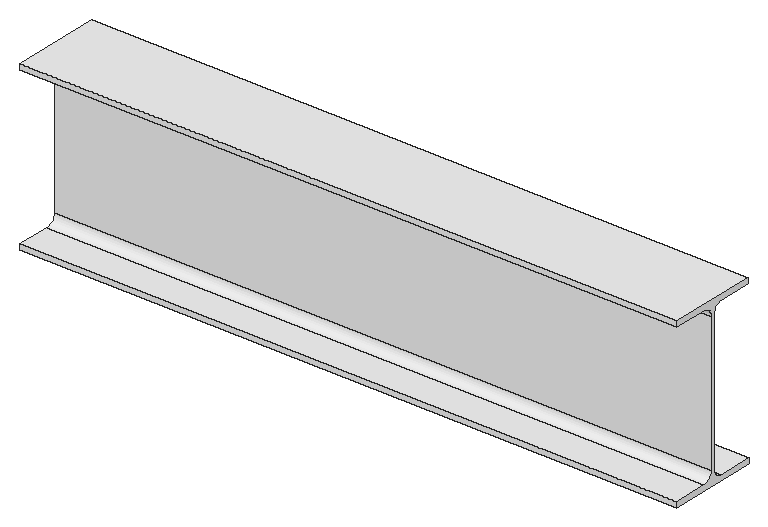
Revit family "M_W-Flange extensa", category Quadro estrutural, Revit 2019
Family settings
  Arredondamento do comprimento do framing estrutural = 0 mm
  Forma do corte = Não definido
  Material para o comportamento do modelo = Aço
  Exportar sempre como geometria = Não
  Número OmniClass = 23.25.30.11.14.14
  Título OmniClass = Beams
  ID de item do Seek = W-Wide Flange-0000-CAN-ENU
  Sempre na vertical = Sim
  Corte com vazios quando carregada = Não
  Representação simbólica = Das configurações de projeto
  Compartilhado = Não
  Exibir o pré-corte da família na vista da planta = Sim
Parameters (values of type "W310X38.7")
  W = 0.38
  Structural Material [instance] = Aço, 45-345
  Assembly Code = ""
  Length [instance] = 1524 mm
  bf = 165 mm
  d = 310 mm
  k = 27 mm
  kr = k - tf  # 17.3 mm
  tf = 9.7 mm
  tw = 5.8 mm
  A = 0.005 m²
Reference planes
  plane 1 "Centro (Frente/Trás)": y = 0
  plane 2: z = 0
  plane 3 "Centro (Esquerda/Direita)": x = 4.61
  plane 4 "Membro esquerdo": x = -604.99
  plane 5 "Membro direito": x = 614.21
  plane 6: y = 82.5
  plane 7: y = -82.5
  plane 8 "Superior": z = 155
  plane 9: z = -155
  plane 10 "Esquerda": x = -757.39
  plane 11 "Direita": x = 766.61
Forms (mm)
  Sweep 1, solid, material "Aço, 45-345" <- "Structural Material", detail levels medium
    path origin (0, 0, 0) x (1, 0, 0) y (0, 1, 0)
      loop
        line (614.21, 0) -> (-604.99, 0)
    profile "M_W-Flange ampla-Perfil-Médio : M_W-Flange ampla-Perfil-Médio" origin (4.61, 0, 0) x (0, -1, 0) y (0, 0, 1)
      loop
        line (-82.5, -155) -> (82.5, -155) -> (82.5, -145.3) -> (2.9, -145.3) -> (2.9, 145.3) -> (82.5, 145.3) -> (82.5, 155) -> (-82.5, 155) -> (-82.5, 145.3) -> (-2.9, 145.3) -> (-2.9, -145.3) -> (-82.5, -145.3) -> (-82.5, -155)
  Sweep 2, solid, material "Aço, 45-345" <- "Structural Material", detail levels fine
    path origin (0, 0, 0) x (1, 0, 0) y (0, 1, 0)
      loop
        line (614.21, 0) -> (-604.99, 0)
    profile "M_W-Flange ampla-Perfil-Alto : M_W-Flange ampla-Perfil-Alto" origin (4.61, 0, 0) x (0, -1, 0) y (0, 0, 1)
      loop
        line (-82.5, -155) -> (82.5, -155) -> (82.5, -145.3) -> (20.2, -145.3)
        arc (20.2, -145.3) -> (7.967, -140.233) -> (2.9, -128) r 17.3
        line (2.9, -128) -> (2.9, 128)
        arc (2.9, 128) -> (7.967, 140.233) -> (20.2, 145.3) r 17.3
        line (20.2, 145.3) -> (82.5, 145.3) -> (82.5, 155) -> (-82.5, 155) -> (-82.5, 145.3) -> (-20.2, 145.3)
        arc (-20.2, 145.3) -> (-7.967, 140.233) -> (-2.9, 128) r 17.3
        line (-2.9, 128) -> (-2.9, -128)
        arc (-2.9, -128) -> (-7.967, -140.233) -> (-20.2, -145.3) r 17.3
        line (-20.2, -145.3) -> (-82.5, -145.3) -> (-82.5, -155)
Lines and regions (mm)
  symbolic lines, style "Faces ocultas", detail levels medium+fine
    curve 1: line (614.21, -2.9, 0) -> (-604.99, -2.9, 0)
    curve 2: line (614.21, 2.9, 0) -> (-604.99, 2.9, 0)
  symbolic lines, style "Símbolos de vara", detail levels coarse
    curve 3: line (4.61, 82.5, 155) -> (4.61, -82.5, 155)
    curve 4: line (4.61, -82.5, -155) -> (4.61, 82.5, -155)
    curve 5: line (4.61, 0, 155) -> (4.61, 0, -155)
Dimensions and locks
  "bf": plane 6 to plane 7
  "d": plane 9 to plane 8 "Superior"
  equal spacing: plane 9, plane 2, plane 8 "Superior"
  equal spacing: plane 6, plane 1 "Centro (Frente/Trás)", plane 7
  "Length": plane 10 "Esquerda" to plane 11 "Direita"
  "tw": curve 2 to curve 1
  equal spacing: curve 2, plane 1 "Centro (Frente/Trás)", curve 1
  aligned and locked: Sweep 1 sketch curve to plane 1 "Centro (Frente/Trás)"
  aligned and locked: Sweep 2 sketch curve to plane 1 "Centro (Frente/Trás)"
  aligned and locked: Sweep 2 to curve 3  (x2)
  aligned and locked: Sweep 2 to curve 4  (x2)
  aligned and locked: curve 3 to Sweep 2
  aligned and locked: curve 4 to Sweep 2
  aligned and locked: plane 4 "Membro esquerdo" to Sweep 2 sketch curve
  aligned and locked: plane 5 "Membro direito" to Sweep 2 sketch curve
  aligned and locked: plane 4 "Membro esquerdo" to Sweep 1 sketch curve
  aligned and locked: plane 5 "Membro direito" to Sweep 1 sketch curve
  aligned and locked: plane 4 "Membro esquerdo" to curve 2
  aligned and locked: plane 4 "Membro esquerdo" to curve 1
  aligned and locked: plane 5 "Membro direito" to curve 2
  aligned and locked: plane 5 "Membro direito" to curve 1
Automatic sketch dimensions
  curve 5 to plane 1 "Centro (Frente/Trás)" = 0 mm
Types in the file's own list only (273): name | W | bf | d | k | kr | tf | tw | A
  W1100X499 | 4.894 | 404 mm | 1120 mm | 67 mm | 22 mm | 45 mm | 26 mm | 0.06 m²
  W1100X433 | 4.246 | 401 mm | 1110 mm | 62 mm | 22 mm | 40 mm | 22 mm | 0.06 m²
  W1100X390 | 3.825 | 401 mm | 1100 mm | 57 mm | 21 mm | 36 mm | 20 mm | 0.05 m²
  W1100X343 | 3.364 | 401 mm | 1090 mm | 52 mm | 21 mm | 31 mm | 18 mm | 0.04 m²
  W1000X883 | 8.659 | 424 mm | 1090 mm | 114 mm | 32 mm | 82 mm | 46 mm | 0.11 m²
  W1000X748 | 7.335 | 417 mm | 1070 mm | 102 mm | 32 mm | 70 mm | 39 mm | 0.10 m²
  W1000X642 | 6.296 | 411 mm | 1050 mm | 92 mm | 32 mm | 60 mm | 34 mm | 0.08 m²
  W1000X591 | 5.796 | 409 mm | 1040 mm | 89 mm | 33 mm | 56 mm | 31 mm | 0.08 m²
  W1000X554 | 5.433 | 409 mm | 1030 mm | 84 mm | 32 mm | 52 mm | 30 mm | 0.07 m²
  W1000X539 | 5.286 | 406 mm | 1030 mm | 83 mm | 32 mm | 51 mm | 28 mm | 0.07 m²
  W1000X483 | 4.737 | 404 mm | 1020 mm | 78 mm | 32 mm | 46 mm | 25 mm | 0.06 m²
  W1000X443 | 4.344 | 401 mm | 1010 mm | 75 mm | 33 mm | 42 mm | 24 mm | 0.06 m²
  W1000X412 | 4.04 | 401 mm | 1010 mm | 73 mm | 33 mm | 40 mm | 21 mm | 0.05 m²
  W1000X371 | 3.638 | 401 mm | 1000 mm | 68 mm | 32 mm | 36 mm | 19 mm | 0.05 m²
  W1000X321 | 3.148 | 401 mm | 991 mm | 64 mm | 33 mm | 31 mm | 17 mm | 0.04 m²
  W1000X296 | 2.903 | 401 mm | 983 mm | 59 mm | 32 mm | 27 mm | 17 mm | 0.04 m²
  W1000X584 | 5.727 | 315 mm | 1060 mm | 97 mm | 33 mm | 64 mm | 36 mm | 0.07 m²
  W1000X494 | 4.844 | 310 mm | 1040 mm | 86 mm | 32 mm | 54 mm | 31 mm | 0.06 m²
  W1000X486 | 4.766 | 307 mm | 1040 mm | 86 mm | 32 mm | 54 mm | 30 mm | 0.06 m²
  W1000X438 | 4.295 | 305 mm | 1030 mm | 81 mm | 32 mm | 49 mm | 27 mm | 0.06 m²
  W1000X415 | 4.07 | 305 mm | 1020 mm | 78 mm | 32 mm | 46 mm | 26 mm | 0.05 m²
  W1000X393 | 3.854 | 302 mm | 1020 mm | 76 mm | 32 mm | 44 mm | 24 mm | 0.05 m²
  W1000X350 | 3.432 | 302 mm | 1010 mm | 73 mm | 33 mm | 40 mm | 21 mm | 0.04 m²
  W1000X314 | 3.079 | 300 mm | 1000 mm | 68 mm | 32 mm | 36 mm | 19 mm | 0.04 m²
  W1000X272 | 2.667 | 300 mm | 991 mm | 64 mm | 33 mm | 31 mm | 17 mm | 0.03 m²
  W1000X249 | 2.442 | 300 mm | 980 mm | 59 mm | 33 mm | 26 mm | 17 mm | 0.03 m²
  W1000X222 | 2.177 | 300 mm | 970 mm | 54 mm | 33 mm | 21 mm | 16 mm | 0.03 m²
  W920X1191 | 11.67 | 457 mm | 1080 mm | 141 mm | 32 mm | 109 mm | 61 mm | 0.15 m²
  W920X970 | 9.512 | 447 mm | 1040 mm | 122 mm | 32 mm | 90 mm | 50 mm | 0.12 m²
  W920X787 | 7.718 | 437 mm | 1010 mm | 106 mm | 32 mm | 74 mm | 41 mm | 0.10 m²
  W920X725 | 7.11 | 434 mm | 998 mm | 102 mm | 34 mm | 68 mm | 38 mm | 0.09 m²
  W920X656 | 6.433 | 432 mm | 988 mm | 95 mm | 33 mm | 62 mm | 35 mm | 0.08 m²
  W920X588 | 5.766 | 427 mm | 975 mm | 87 mm | 31 mm | 56 mm | 31 mm | 0.07 m²
  W920X537 | 5.266 | 424 mm | 965 mm | 84 mm | 33 mm | 51 mm | 28 mm | 0.07 m²
  W920X491 | 4.815 | 422 mm | 958 mm | 79 mm | 32 mm | 47 mm | 26 mm | 0.06 m²
  W920X449 | 4.403 | 424 mm | 947 mm | 76 mm | 34 mm | 43 mm | 24 mm | 0.06 m²
  W920X420 | 4.119 | 422 mm | 942 mm | 73 mm | 33 mm | 40 mm | 23 mm | 0.05 m²
  W920X390 | 3.825 | 422 mm | 937 mm | 70 mm | 33 mm | 37 mm | 21 mm | 0.05 m²
  W920X368 | 3.609 | 419 mm | 932 mm | 67 mm | 32 mm | 34 mm | 20 mm | 0.05 m²
  W920X344 | 3.383 | 419 mm | 927 mm | 65 mm | 33 mm | 32 mm | 19 mm | 0.04 m²
  W920X381 | 3.736 | 310 mm | 950 mm | 67 mm | 23 mm | 44 mm | 24 mm | 0.05 m²
  W920X345 | 3.383 | 307 mm | 942 mm | 62 mm | 22 mm | 40 mm | 22 mm | 0.04 m²
  W920X313 | 3.069 | 310 mm | 932 mm | 59 mm | 24 mm | 35 mm | 21 mm | 0.04 m²
  W920X289 | 2.834 | 307 mm | 927 mm | 56 mm | 24 mm | 32 mm | 19 mm | 0.04 m²
  W920X271 | 2.658 | 307 mm | 922 mm | 54 mm | 24 mm | 30 mm | 18 mm | 0.03 m²
  W920X253 | 2.481 | 305 mm | 919 mm | 51 mm | 23 mm | 28 mm | 17 mm | 0.03 m²
  W920X238 | 2.334 | 305 mm | 914 mm | 49 mm | 23 mm | 26 mm | 17 mm | 0.03 m²
  W920X223 | 2.187 | 305 mm | 912 mm | 48 mm | 24 mm | 24 mm | 16 mm | 0.03 m²
  W920X201 | 1.971 | 305 mm | 904 mm | 43 mm | 23 mm | 20 mm | 15 mm | 0.03 m²
  W840X576 | 5.649 | 411 mm | 914 mm | 81 mm | 23 mm | 58 mm | 32 mm | 0.07 m²
  W840X527 | 5.168 | 409 mm | 904 mm | 75 mm | 22 mm | 53 mm | 30 mm | 0.07 m²
  W840X473 | 4.639 | 406 mm | 894 mm | 70 mm | 22 mm | 48 mm | 26 mm | 0.06 m²
  W840X433 | 4.246 | 404 mm | 884 mm | 67 mm | 23 mm | 44 mm | 24 mm | 0.06 m²
  W840X392 | 3.844 | 401 mm | 876 mm | 62 mm | 22 mm | 40 mm | 22 mm | 0.05 m²
  W840X359 | 3.521 | 404 mm | 869 mm | 57 mm | 22 mm | 36 mm | 21 mm | 0.05 m²
  W840X329 | 3.226 | 401 mm | 861 mm | 54 mm | 22 mm | 33 mm | 20 mm | 0.04 m²
  W840X299 | 2.932 | 399 mm | 856 mm | 51 mm | 22 mm | 29 mm | 18 mm | 0.04 m²
  W840X251 | 2.461 | 292 mm | 859 mm | 54 mm | 23 mm | 31 mm | 17 mm | 0.03 m²
  W840X226 | 2.216 | 295 mm | 851 mm | 49 mm | 22 mm | 27 mm | 16 mm | 0.03 m²
  W840X210 | 2.059 | 292 mm | 846 mm | 46 mm | 22 mm | 24 mm | 15 mm | 0.03 m²
  W840X193 | 1.893 | 292 mm | 841 mm | 45 mm | 23 mm | 22 mm | 15 mm | 0.02 m²
  W840X176 | 1.726 | 292 mm | 836 mm | 41 mm | 23 mm | 19 mm | 14 mm | 0.02 m²
  W760X582 | 5.707 | 396 mm | 843 mm | 86 mm | 24 mm | 62 mm | 35 mm | 0.07 m²
  W760X531 | 5.207 | 394 mm | 833 mm | 79 mm | 23 mm | 57 mm | 32 mm | 0.07 m²
  W760X484 | 4.746 | 391 mm | 823 mm | 75 mm | 23 mm | 52 mm | 29 mm | 0.06 m²
  W760X434 | 4.256 | 389 mm | 813 mm | 70 mm | 23 mm | 47 mm | 26 mm | 0.06 m²
  W760X389 | 3.815 | 386 mm | 803 mm | 65 mm | 23 mm | 42 mm | 24 mm | 0.05 m²
  W760X350 | 3.432 | 384 mm | 795 mm | 60 mm | 22 mm | 38 mm | 21 mm | 0.04 m²
  W760X314 | 3.079 | 384 mm | 785 mm | 57 mm | 24 mm | 34 mm | 20 mm | 0.04 m²
  W760X284 | 2.785 | 381 mm | 780 mm | 52 mm | 22 mm | 30 mm | 18 mm | 0.04 m²
  W760X257 | 2.52 | 381 mm | 772 mm | 51 mm | 24 mm | 27 mm | 17 mm | 0.03 m²
  W760X220 | 2.157 | 267 mm | 780 mm | 52 mm | 22 mm | 30 mm | 17 mm | 0.03 m²
  W760X196 | 1.922 | 267 mm | 770 mm | 48 mm | 22 mm | 25 mm | 16 mm | 0.03 m²
  W760X185 | 1.814 | 267 mm | 767 mm | 46 mm | 22 mm | 24 mm | 15 mm | 0.02 m²
  W760X173 | 1.697 | 267 mm | 762 mm | 45 mm | 23 mm | 22 mm | 14 mm | 0.02 m²
  W760X161 | 1.579 | 267 mm | 757 mm | 43 mm | 24 mm | 19 mm | 14 mm | 0.02 m²
  W760X147 | 1.442 | 267 mm | 754 mm | 40 mm | 23 mm | 17 mm | 13 mm | 0.02 m²
  W760X134 | 1.314 | 264 mm | 749 mm | 38 mm | 23 mm | 16 mm | 12 mm | 0.02 m²
  W690X802 | 7.865 | 389 mm | 826 mm | 113 mm | 23 mm | 90 mm | 50 mm | 0.10 m²
  W690X548 | 5.374 | 373 mm | 772 mm | 86 mm | 23 mm | 63 mm | 35 mm | 0.07 m²
  W690X500 | 4.903 | 371 mm | 762 mm | 81 mm | 23 mm | 58 mm | 32 mm | 0.06 m²
  W690X457 | 4.482 | 366 mm | 752 mm | 76 mm | 23 mm | 53 mm | 30 mm | 0.06 m²
  W690X419 | 4.109 | 366 mm | 744 mm | 71 mm | 22 mm | 49 mm | 27 mm | 0.05 m²
  W690X384 | 3.766 | 363 mm | 737 mm | 68 mm | 23 mm | 45 mm | 25 mm | 0.05 m²
  W690X350 | 3.432 | 361 mm | 729 mm | 64 mm | 23 mm | 41 mm | 23 mm | 0.04 m²
  W690X323 | 3.168 | 358 mm | 721 mm | 60 mm | 22 mm | 38 mm | 21 mm | 0.04 m²
  W690X289 | 3.815 | 356 mm | 714 mm | 57 mm | 23 mm | 34 mm | 19 mm | 0.04 m²
  W690X265 | 3.579 | 358 mm | 706 mm | 52 mm | 22 mm | 30 mm | 18 mm | 0.03 m²
  W690X240 | 2.354 | 356 mm | 701 mm | 51 mm | 23 mm | 27 mm | 17 mm | 0.03 m²
  W690X217 | 2.128 | 356 mm | 696 mm | 48 mm | 23 mm | 25 mm | 15 mm | 0.03 m²
  W690X192 | 1.883 | 254 mm | 701 mm | 51 mm | 23 mm | 28 mm | 16 mm | 0.02 m²
  W690X170 | 1.667 | 257 mm | 693 mm | 46 mm | 22 mm | 24 mm | 15 mm | 0.02 m²
  W690X152 | 1.491 | 254 mm | 688 mm | 45 mm | 23 mm | 21 mm | 13 mm | 0.02 m²
  W690X140 | 1.373 | 254 mm | 683 mm | 41 mm | 22 mm | 19 mm | 12 mm | 0.02 m²
  W690X125 | 1.226 | 254 mm | 678 mm | 40 mm | 23 mm | 16 mm | 12 mm | 0.02 m²
  W610X551 | 5.403 | 348 mm | 711 mm | 92 mm | 23 mm | 69 mm | 39 mm | 0.07 m²
  W610X498 | 4.884 | 343 mm | 699 mm | 86 mm | 23 mm | 63 mm | 35 mm | 0.06 m²
  W610X455 | 4.462 | 340 mm | 688 mm | 81 mm | 23 mm | 58 mm | 32 mm | 0.06 m²
  W610X415 | 4.07 | 338 mm | 678 mm | 76 mm | 23 mm | 53 mm | 30 mm | 0.05 m²
  W610X372 | 3.648 | 335 mm | 668 mm | 71 mm | 23 mm | 48 mm | 26 mm | 0.05 m²
  W610X341 | 3.344 | 333 mm | 660 mm | 67 mm | 23 mm | 44 mm | 24 mm | 0.04 m²
  W610X307 | 3.011 | 330 mm | 653 mm | 64 mm | 24 mm | 40 mm | 22 mm | 0.04 m²
  W610X285 | 2.795 | 330 mm | 648 mm | 60 mm | 23 mm | 37 mm | 21 mm | 0.04 m²
  W610X262 | 2.569 | 328 mm | 640 mm | 57 mm | 23 mm | 34 mm | 19 mm | 0.03 m²
  W610X241 | 2.363 | 330 mm | 635 mm | 54 mm | 23 mm | 31 mm | 18 mm | 0.03 m²
  W610X217 | 2.128 | 328 mm | 627 mm | 51 mm | 23 mm | 28 mm | 17 mm | 0.03 m²
  W610X195 | 1.912 | 328 mm | 622 mm | 48 mm | 23 mm | 24 mm | 15 mm | 0.02 m²
  W610X174 | 1.706 | 325 mm | 617 mm | 45 mm | 23 mm | 22 mm | 14 mm | 0.02 m²
  W610X155 | 1.52 | 325 mm | 612 mm | 41 mm | 22 mm | 19 mm | 13 mm | 0.02 m²
  W610X153 | 1.5 | 229 mm | 622 mm | 48 mm | 23 mm | 25 mm | 14 mm | 0.02 m²
  W610X140 | 1.373 | 230 mm | 617 mm | 45 mm | 22 mm | 22 mm | 13 mm | 0.02 m²
  W610X125 | 1.226 | 229 mm | 612 mm | 43 mm | 23 mm | 20 mm | 12 mm | 0.02 m²
  W610X113 | 1.108 | 228 mm | 607 mm | 40 mm | 22 mm | 17 mm | 11 mm | 0.01 m²
  W610X101 | 0.99 | 228 mm | 602 mm | 38 mm | 23 mm | 15 mm | 11 mm | 0.01 m²
  W610X92 | 0.902 | 179 mm | 602 mm | 38 mm | 23 mm | 15 mm | 11 mm | 0.01 m²
  W610X82 | 0.804 | 178 mm | 599 mm | 37 mm | 24 mm | 13 mm | 10 mm | 0.01 m²
  W530X300 | 2.942 | 320 mm | 584 mm | 64 mm | 22 mm | 41 mm | 23 mm | 0.04 m²
  W530X272 | 2.667 | 318 mm | 577 mm | 60 mm | 23 mm | 38 mm | 21 mm | 0.03 m²
  W530X248 | 2.432 | 315 mm | 572 mm | 57 mm | 23 mm | 35 mm | 19 mm | 0.03 m²
  W530X219 | 2.148 | 318 mm | 561 mm | 51 mm | 22 mm | 29 mm | 18 mm | 0.03 m²
  W530X196 | 1.922 | 315 mm | 554 mm | 49 mm | 23 mm | 26 mm | 17 mm | 0.03 m²
  W530X182 | 1.785 | 315 mm | 551 mm | 46 mm | 22 mm | 24 mm | 15 mm | 0.02 m²
  W530X165 | 1.618 | 312 mm | 546 mm | 45 mm | 22 mm | 22 mm | 14 mm | 0.02 m²
  W530X150 | 1.471 | 312 mm | 544 mm | 43 mm | 23 mm | 20 mm | 13 mm | 0.02 m²
  W530X138 | 1.353 | 214 mm | 549 mm | 41 mm | 18 mm | 24 mm | 15 mm | 0.02 m²
  W530X123 | 1.206 | 212 mm | 544 mm | 38 mm | 17 mm | 21 mm | 13 mm | 0.02 m²
  W530X109 | 1.069 | 211 mm | 538 mm | 37 mm | 18 mm | 19 mm | 12 mm | 0.01 m²
  W530X101 | 0.99 | 210 mm | 536 mm | 35 mm | 18 mm | 17 mm | 11 mm | 0.01 m²
  W530X92 | 0.902 | 209 mm | 533 mm | 33 mm | 18 mm | 16 mm | 10 mm | 0.01 m²
  W530X82 | 0.804 | 209 mm | 528 mm | 30 mm | 17 mm | 13 mm | 10 mm | 0.01 m²
  W530X72 | 0.706 | 207 mm | 523 mm | 29 mm | 18 mm | 11 mm | 9 mm | 0.01 m²
  W530X85 | 0.834 | 167 mm | 536 mm | 33 mm | 17 mm | 17 mm | 10 mm | 0.01 m²
  W530X74 | 0.726 | 166 mm | 528 mm | 32 mm | 18 mm | 14 mm | 10 mm | 0.01 m²
  W530X66 | 0.647 | 165 mm | 526 mm | 29 mm | 17 mm | 11 mm | 9 mm | 0.01 m²
  W460X464 | 4.55 | 305 mm | 566 mm | 87 mm | 18 mm | 70 mm | 39 mm | 0.06 m²
  W460X421 | 4.129 | 302 mm | 556 mm | 81 mm | 18 mm | 64 mm | 36 mm | 0.05 m²
  W460X384 | 3.766 | 300 mm | 546 mm | 76 mm | 18 mm | 58 mm | 33 mm | 0.05 m²
  W460X349 | 3.423 | 297 mm | 536 mm | 70 mm | 16 mm | 54 mm | 30 mm | 0.04 m²
  W460X315 | 3.089 | 295 mm | 526 mm | 65 mm | 17 mm | 49 mm | 27 mm | 0.04 m²
  W460X286 | 2.805 | 292 mm | 518 mm | 62 mm | 17 mm | 45 mm | 24 mm | 0.04 m²
  W460X260 | 2.55 | 290 mm | 508 mm | 62 mm | 22 mm | 40 mm | 23 mm | 0.03 m²
  W460X235 | 2.305 | 287 mm | 500 mm | 60 mm | 24 mm | 37 mm | 21 mm | 0.03 m²
  W460X213 | 2.089 | 284 mm | 495 mm | 56 mm | 22 mm | 34 mm | 19 mm | 0.03 m²
  W460X193 | 1.893 | 284 mm | 490 mm | 52 mm | 22 mm | 31 mm | 17 mm | 0.02 m²
  W460X177 | 1.736 | 287 mm | 483 mm | 49 mm | 22 mm | 27 mm | 17 mm | 0.02 m²
  W460X158 | 1.549 | 284 mm | 475 mm | 46 mm | 22 mm | 24 mm | 15 mm | 0.02 m²
  W460X144 | 1.412 | 282 mm | 472 mm | 45 mm | 22 mm | 22 mm | 14 mm | 0.02 m²
  W460X128 | 1.255 | 282 mm | 467 mm | 41 mm | 22 mm | 20 mm | 12 mm | 0.02 m²
  W460X113 | 1.108 | 279 mm | 462 mm | 40 mm | 22 mm | 17 mm | 11 mm | 0.01 m²
  W460X106 | 1.04 | 194 mm | 470 mm | 38 mm | 18 mm | 21 mm | 13 mm | 0.01 m²
  W460X97 | 0.951 | 193 mm | 467 mm | 37 mm | 17 mm | 19 mm | 11 mm | 0.01 m²
  W460X89 | 0.873 | 192 mm | 462 mm | 35 mm | 17 mm | 18 mm | 11 mm | 0.01 m²
  W460X82 | 0.804 | 191 mm | 460 mm | 33 mm | 17 mm | 16 mm | 10 mm | 0.01 m²
  W460X74 | 0.726 | 191 mm | 457 mm | 32 mm | 17 mm | 15 mm | 9 mm | 0.01 m²
  W460X68 | 0.667 | 154 mm | 460 mm | 32 mm | 16 mm | 15 mm | 9 mm | 0.01 m²
  W460X60 | 0.588 | 153 mm | 455 mm | 30 mm | 17 mm | 13 mm | 8 mm | 0.01 m²
  W460X52 | 0.51 | 152 mm | 450 mm | 29 mm | 18 mm | 11 mm | 8 mm | 0.01 m²
  W410X149 | 1.461 | 264 mm | 432 mm | 48 mm | 23 mm | 25 mm | 15 mm | 0.02 m²
  W410X132 | 1.294 | 264 mm | 427 mm | 45 mm | 22 mm | 22 mm | 13 mm | 0.02 m²
  W410X114 | 1.118 | 262 mm | 419 mm | 41 mm | 22 mm | 19 mm | 12 mm | 0.01 m²
  W410X100 | 0.981 | 259 mm | 414 mm | 40 mm | 23 mm | 17 mm | 10 mm | 0.01 m²
  W410X85 | 0.834 | 181 mm | 417 mm | 35 mm | 17 mm | 18 mm | 11 mm | 0.01 m²
  W410X75 | 0.735 | 180 mm | 414 mm | 33 mm | 17 mm | 16 mm | 10 mm | 0.01 m²
  W410X67 | 0.657 | 179 mm | 409 mm | 32 mm | 17 mm | 14 mm | 9 mm | 0.01 m²
  W410X60 | 0.588 | 178 mm | 406 mm | 30 mm | 17 mm | 13 mm | 8 mm | 0.01 m²
  W410X53 | 0.52 | 178 mm | 404 mm | 29 mm | 18 mm | 11 mm | 7 mm | 0.01 m²
  W410X46.1 | 0.452 | 140 mm | 404 mm | 29 mm | 17 mm | 11 mm | 7 mm | 0.01 m²
  W410X38.8 | 0.38 | 140 mm | 399 mm | 27 mm | 18 mm | 9 mm | 6 mm | 0.00 m²
  W360X1086 | 10.689 | 455 mm | 569 mm | 157 mm | 32 mm | 125 mm | 78 mm | 0.14 m²
  W360X990 | 9.709 | 450 mm | 549 mm | 148 mm | 33 mm | 115 mm | 72 mm | 0.13 m²
  W360X900 | 8.826 | 442 mm | 531 mm | 138 mm | 32 mm | 106 mm | 66 mm | 0.12 m²
  W360X818 | 8.022 | 437 mm | 513 mm | 130 mm | 33 mm | 97 mm | 61 mm | 0.11 m²
  W360X744 | 7.296 | 432 mm | 498 mm | 122 mm | 33 mm | 89 mm | 56 mm | 0.09 m²
  W360X677 | 6.639 | 427 mm | 483 mm | 114 mm | 33 mm | 82 mm | 51 mm | 0.09 m²
  W360X634 | 6.217 | 424 mm | 475 mm | 110 mm | 33 mm | 77 mm | 48 mm | 0.08 m²
  W360X592 | 5.806 | 422 mm | 465 mm | 105 mm | 33 mm | 72 mm | 45 mm | 0.08 m²
  W360X551 | 5.403 | 419 mm | 455 mm | 100 mm | 32 mm | 68 mm | 42 mm | 0.07 m²
  W360X509 | 4.992 | 417 mm | 445 mm | 95 mm | 33 mm | 63 mm | 39 mm | 0.07 m²
  W360X463 | 4.54 | 411 mm | 434 mm | 91 mm | 33 mm | 57 mm | 36 mm | 0.06 m²
  W360X421 | 4.129 | 409 mm | 424 mm | 86 mm | 33 mm | 53 mm | 33 mm | 0.05 m²
  W360X382 | 3.746 | 406 mm | 417 mm | 81 mm | 33 mm | 48 mm | 30 mm | 0.05 m²
  W360X347 | 0.363 | 404 mm | 406 mm | 76 mm | 33 mm | 44 mm | 27 mm | 0.04 m²
  W360X314 | 3.079 | 401 mm | 399 mm | 73 mm | 33 mm | 40 mm | 25 mm | 0.04 m²
  W360X287 | 2.815 | 399 mm | 394 mm | 70 mm | 33 mm | 37 mm | 23 mm | 0.04 m²
  W360X262 | 2.569 | 399 mm | 386 mm | 67 mm | 33 mm | 33 mm | 21 mm | 0.03 m²
  W360X237 | 2.324 | 396 mm | 381 mm | 64 mm | 33 mm | 30 mm | 19 mm | 0.03 m²
  W360X216 | 2.118 | 394 mm | 376 mm | 60 mm | 33 mm | 28 mm | 17 mm | 0.03 m²
  W360X196 | 1.922 | 373 mm | 373 mm | 59 mm | 33 mm | 26 mm | 16 mm | 0.03 m²
  W360X179 | 1.755 | 373 mm | 368 mm | 57 mm | 33 mm | 24 mm | 15 mm | 0.02 m²
  W360X162 | 1.589 | 371 mm | 363 mm | 56 mm | 34 mm | 22 mm | 13 mm | 0.02 m²
  W360X147 | 1.442 | 371 mm | 361 mm | 52 mm | 33 mm | 20 mm | 12 mm | 0.02 m²
  W360X134 | 1.314 | 368 mm | 356 mm | 51 mm | 33 mm | 18 mm | 11 mm | 0.02 m²
  W360X122 | 1.196 | 257 mm | 363 mm | 43 mm | 21 mm | 22 mm | 13 mm | 0.02 m²
  W360X110 | 1.079 | 257 mm | 361 mm | 41 mm | 21 mm | 20 mm | 11 mm | 0.01 m²
  W360X101 | 0.99 | 254 mm | 356 mm | 40 mm | 21 mm | 18 mm | 11 mm | 0.01 m²
  W360X91 | 0.892 | 254 mm | 353 mm | 38 mm | 22 mm | 16 mm | 10 mm | 0.01 m²
  W360X79 | 0.775 | 205 mm | 353 mm | 38 mm | 21 mm | 17 mm | 9 mm | 0.01 m²
  W360X72 | 0.706 | 204 mm | 351 mm | 37 mm | 21 mm | 15 mm | 9 mm | 0.01 m²
  W360X64 | 0.628 | 203 mm | 348 mm | 35 mm | 21 mm | 14 mm | 8 mm | 0.01 m²
  W360X57.8 | 0.567 | 172 mm | 358 mm | 32 mm | 19 mm | 13 mm | 8 mm | 0.01 m²
  W360X51 | 0.5 | 171 mm | 356 mm | 30 mm | 19 mm | 12 mm | 7 mm | 0.01 m²
  W360X44 | 0.431 | 171 mm | 351 mm | 29 mm | 19 mm | 10 mm | 7 mm | 0.01 m²
  W360X39 | 0.382 | 128 mm | 353 mm | 29 mm | 18 mm | 11 mm | 6 mm | 0.00 m²
  W360X32.9 | 0.323 | 127 mm | 348 mm | 27 mm | 18 mm | 9 mm | 6 mm | 0.00 m²
  W310X500 | 4.903 | 340 mm | 427 mm | 98 mm | 23 mm | 75 mm | 45 mm | 0.06 m²
  W310X454 | 4.452 | 335 mm | 414 mm | 92 mm | 23 mm | 69 mm | 41 mm | 0.06 m²
  W310X415 | 4.07 | 333 mm | 404 mm | 86 mm | 23 mm | 63 mm | 39 mm | 0.05 m²
  W310X375 | 3.677 | 330 mm | 391 mm | 79 mm | 22 mm | 57 mm | 36 mm | 0.05 m²
  W310X342 | 3.354 | 328 mm | 384 mm | 75 mm | 22 mm | 53 mm | 33 mm | 0.04 m²
  W310X313 | 3.069 | 325 mm | 373 mm | 71 mm | 23 mm | 48 mm | 30 mm | 0.04 m²
  W310X283 | 2.775 | 323 mm | 366 mm | 67 mm | 23 mm | 44 mm | 27 mm | 0.04 m²
  W310X253 | 2.481 | 320 mm | 356 mm | 62 mm | 22 mm | 40 mm | 24 mm | 0.03 m²
  W310X226 | 2.216 | 318 mm | 348 mm | 59 mm | 23 mm | 36 mm | 22 mm | 0.03 m²
  W310X202 | 1.981 | 315 mm | 340 mm | 54 mm | 22 mm | 32 mm | 20 mm | 0.03 m²
  W310X179 | 1.755 | 312 mm | 333 mm | 51 mm | 23 mm | 28 mm | 18 mm | 0.02 m²
  W310X158 | 1.549 | 310 mm | 328 mm | 48 mm | 23 mm | 25 mm | 16 mm | 0.02 m²
  W310X143 | 1.402 | 310 mm | 323 mm | 46 mm | 23 mm | 23 mm | 14 mm | 0.02 m²
  W310X129 | 1.265 | 307 mm | 318 mm | 43 mm | 22 mm | 21 mm | 13 mm | 0.02 m²
  W310X117 | 1.147 | 307 mm | 315 mm | 41 mm | 23 mm | 19 mm | 12 mm | 0.02 m²
  W310X107 | 1.049 | 305 mm | 312 mm | 40 mm | 23 mm | 17 mm | 11 mm | 0.01 m²
  W310X97 | 0.951 | 305 mm | 307 mm | 38 mm | 23 mm | 15 mm | 10 mm | 0.01 m²
  W310X86 | 0.843 | 254 mm | 310 mm | 38 mm | 22 mm | 16 mm | 9 mm | 0.01 m²
  W310X79 | 0.775 | 254 mm | 307 mm | 35 mm | 20 mm | 15 mm | 9 mm | 0.01 m²
  W310X74 | 0.726 | 205 mm | 310 mm | 38 mm | 22 mm | 16 mm | 9 mm | 0.01 m²
  W310X67 | 0.657 | 204 mm | 307 mm | 35 mm | 20 mm | 15 mm | 9 mm | 0.01 m²
  W310X60 | 0.588 | 203 mm | 302 mm | 35 mm | 22 mm | 13 mm | 7 mm | 0.01 m²
  W310X52 | 0.51 | 167 mm | 318 mm | 30 mm | 17 mm | 13 mm | 8 mm | 0.01 m²
  W310X44.5 | 0.436 | 166 mm | 312 mm | 29 mm | 17 mm | 11 mm | 7 mm | 0.01 m²
  W310X32.7 | 0.321 | 102 mm | 312 mm | 24 mm | 13 mm | 11 mm | 7 mm | 0.00 m²
  W310X28.3 | 0.278 | 102 mm | 310 mm | 22 mm | 13 mm | 9 mm | 6 mm | 0.00 m²
  W310X23.8 | 0.233 | 101 mm | 305 mm | 21 mm | 14 mm | 7 mm | 6 mm | 0.00 m²
  W310X21 | 0.206 | 101 mm | 302 mm | 19 mm | 13 mm | 6 mm | 5 mm | 0.00 m²
  W250X167 | 1.638 | 264 mm | 290 mm | 49 mm | 17 mm | 32 mm | 19 mm | 0.02 m²
  W250X149 | 1.461 | 262 mm | 282 mm | 46 mm | 18 mm | 28 mm | 17 mm | 0.02 m²
  W250X131 | 1.285 | 262 mm | 274 mm | 43 mm | 18 mm | 25 mm | 15 mm | 0.02 m²
  W250X115 | 1.128 | 259 mm | 269 mm | 40 mm | 18 mm | 22 mm | 14 mm | 0.01 m²
  W250X101 | 0.99 | 257 mm | 264 mm | 37 mm | 17 mm | 20 mm | 12 mm | 0.01 m²
  W250X89 | 0.873 | 257 mm | 259 mm | 35 mm | 18 mm | 17 mm | 11 mm | 0.01 m²
  W250X80 | 0.785 | 254 mm | 257 mm | 33 mm | 18 mm | 16 mm | 9 mm | 0.01 m²
  W250X73 | 0.716 | 254 mm | 254 mm | 32 mm | 18 mm | 14 mm | 9 mm | 0.01 m²
  W250X67 | 0.657 | 204 mm | 257 mm | 33 mm | 18 mm | 16 mm | 9 mm | 0.01 m²
  W250X58 | 0.569 | 203 mm | 252 mm | 30 mm | 17 mm | 14 mm | 8 mm | 0.01 m²
  W250X49.1 | 0.482 | 202 mm | 247 mm | 29 mm | 18 mm | 11 mm | 7 mm | 0.01 m²
  W250X44.8 | 0.439 | 148 mm | 267 mm | 29 mm | 16 mm | 13 mm | 8 mm | 0.01 m²
  W250X38.5 | 0.378 | 147 mm | 262 mm | 27 mm | 16 mm | 11 mm | 7 mm | 0.00 m²
  W250X32.7 | 0.321 | 146 mm | 259 mm | 24 mm | 15 mm | 9 mm | 6 mm | 0.00 m²
  W250X28.4 | 0.279 | 102 mm | 259 mm | 24 mm | 14 mm | 10 mm | 6 mm | 0.00 m²
  W250X25.3 | 0.248 | 102 mm | 257 mm | 22 mm | 14 mm | 8 mm | 6 mm | 0.00 m²
  W250X22.3 | 0.023 | 102 mm | 254 mm | 21 mm | 14 mm | 7 mm | 6 mm | 0.00 m²
  W250X17.9 | 0.176 | 101 mm | 251 mm | 19 mm | 14 mm | 5 mm | 5 mm | 0.00 m²
  W200X100 | 0.981 | 210 mm | 229 mm | 41 mm | 18 mm | 24 mm | 15 mm | 0.01 m²
  W200X86 | 0.843 | 209 mm | 222 mm | 38 mm | 18 mm | 21 mm | 13 mm | 0.01 m²
  W200X71 | 0.696 | 206 mm | 216 mm | 35 mm | 18 mm | 17 mm | 10 mm | 0.01 m²
  W200X59 | 0.579 | 205 mm | 210 mm | 32 mm | 18 mm | 14 mm | 9 mm | 0.01 m²
  W200X52 | 0.51 | 204 mm | 206 mm | 30 mm | 18 mm | 13 mm | 8 mm | 0.01 m²
  W200X46.1 | 0.452 | 203 mm | 203 mm | 29 mm | 18 mm | 11 mm | 7 mm | 0.01 m²
  W200X41.7 | 0.409 | 166 mm | 205 mm | 24 mm | 12 mm | 12 mm | 7 mm | 0.01 m²
  W200X35.9 | 0.352 | 165 mm | 201 mm | 22 mm | 12 mm | 10 mm | 6 mm | 0.00 m²
  W200X31.3 | 0.307 | 134 mm | 210 mm | 22 mm | 12 mm | 10 mm | 6 mm | 0.00 m²
  W200X26.6 | 0.261 | 133 mm | 207 mm | 21 mm | 12 mm | 8 mm | 6 mm | 0.00 m²
  W200X22.5 | 0.221 | 102 mm | 206 mm | 21 mm | 13 mm | 8 mm | 6 mm | 0.00 m²
  W200X19.3 | 0.189 | 102 mm | 203 mm | 19 mm | 13 mm | 6 mm | 6 mm | 0.00 m²
  W200X15 | 0.147 | 100 mm | 200 mm | 18 mm | 12 mm | 5 mm | 4 mm | 0.00 m²
  W150X37.1 | 0.364 | 154 mm | 162 mm | 24 mm | 12 mm | 12 mm | 8 mm | 0.00 m²
  W150X29.8 | 0.292 | 153 mm | 157 mm | 22 mm | 13 mm | 9 mm | 7 mm | 0.00 m²
  W150X22.5 | 0.221 | 152 mm | 152 mm | 19 mm | 13 mm | 7 mm | 6 mm | 0.00 m²
  W150X24 | 0.235 | 102 mm | 160 mm | 22 mm | 12 mm | 10 mm | 7 mm | 0.00 m²
  W150X18 | 0.177 | 102 mm | 153 mm | 19 mm | 12 mm | 7 mm | 6 mm | 0.00 m²
  W150X13.5 | 0.132 | 100 mm | 150 mm | 18 mm | 12 mm | 5 mm | 4 mm | 0.00 m²
  W150X13 | 0.127 | 100 mm | 148 mm | 18 mm | 13 mm | 5 mm | 4 mm | 0.00 m²
  W130X28.1 | 0.276 | 128 mm | 131 mm | 21 mm | 10 mm | 11 mm | 7 mm | 0.00 m²
  W130X23.8 | 0.233 | 127 mm | 127 mm | 19 mm | 10 mm | 9 mm | 6 mm | 0.00 m²
  W100X19.3 | 0.189 | 103 mm | 106 mm | 19 mm | 10 mm | 9 mm | 7 mm | 0.00 m²
